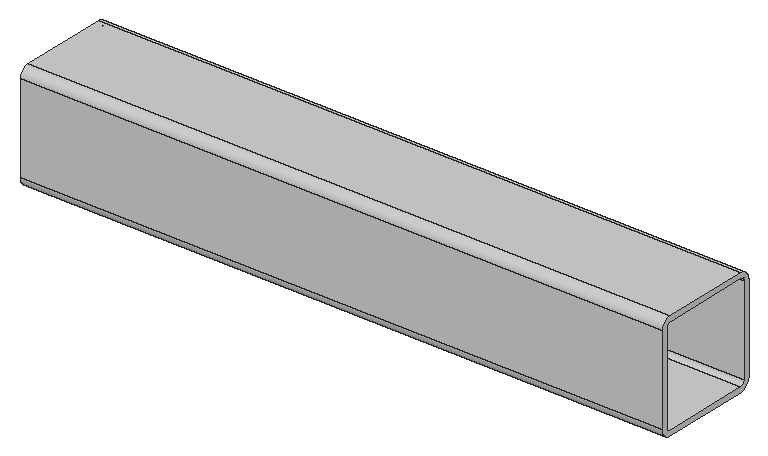
Revit family
Parameters (values of type "HSS8X8X.375")
  Start Extension Calculation [instance] = 10' 0 1/2" + Start Extension  # 10' - 0"
  Start Extension [instance] = -0' - 0 1/2"
  End Extension Calculation [instance] = 10' 0 1/2" + End Extension  # 10' - 0"
  End Extension [instance] = -0' - 0 1/2"
  Beam Material [instance] = Metal - Steel - ASTM A500 - Grade B - Rectangular and Square
  A = 10.40 in²
  Assembly Code = "B10"
  Ht = 0' - 8"
  Length [instance] = 5' - 0"
  Shape = "Square"
  W = 37.6
  b = 0' - 8"
  kr = 2 * t  # 0' - 0 89/128"
  t = 0' - 0 89/256"
Reference planes (in)
  plane 1 "Center (Front/Back)": y = 0
  plane 2: z = 0
  plane 3 "Center (Left/Right)": x = 0.1815
  plane 4 "Member Left": x = -23.8185
  plane 5 "Member Right": x = 24.1815
  plane 6: y = 4
  plane 7: y = -4
  plane 8 "Top": z = 4
  plane 9: z = -4
  plane 10 "Left": x = -29.8185
  plane 11 "Right": x = 30.1815
  plane 12: x = -23.8185
  plane 13: x = 24.1815
  plane 14: x = 96.1815
  plane 15: x = -95.8185
Forms (in)
  Sweep 1, solid, material "Metal - Steel - ASTM A500 - Grade B - Rectangular and Square" <- "Beam Material", detail levels fine
    path origin (0, 0, 0) x (1, 0, 0) y (0, 1, 0)
      loop
        line (24.1815, 0) -> (-23.8185, 0)
    profile "Hollow-Structural-Section-Profile-Fine : Hollow-Structural-Section-Profile-Fine" origin (0.1815, 0, 0) x (0, -1, 0) y (0, 0, 1)
      loop
        arc (-3.30469, 3.65234) -> (-3.55052, 3.55052) -> (-3.65234, 3.30469) r 0.34766
        line (-3.65234, 3.30469) -> (-3.65234, -3.30469)
        arc (-3.65234, -3.30469) -> (-3.55052, -3.55052) -> (-3.30469, -3.65234) r 0.34766
        line (-3.30469, -3.65234) -> (3.30469, -3.65234)
        arc (3.30469, -3.65234) -> (3.55052, -3.55052) -> (3.65234, -3.30469) r 0.34766
        line (3.65234, -3.30469) -> (3.65234, 3.30469)
        arc (3.65234, 3.30469) -> (3.55052, 3.55052) -> (3.30469, 3.65234) r 0.34766
        line (3.30469, 3.65234) -> (-3.30469, 3.65234)
      loop
        arc (-4, -3.30469) -> (-3.79635, -3.79635) -> (-3.30469, -4) r 0.69531
        line (-3.30469, -4) -> (3.30469, -4)
        arc (3.30469, -4) -> (3.79635, -3.79635) -> (4, -3.30469) r 0.69531
        line (4, -3.30469) -> (4, 3.30469)
        arc (4, 3.30469) -> (3.79635, 3.79635) -> (3.30469, 4) r 0.69531
        line (3.30469, 4) -> (-3.30469, 4)
        arc (-3.30469, 4) -> (-3.79635, 3.79635) -> (-4, 3.30469) r 0.69531
        line (-4, 3.30469) -> (-4, -3.30469)
  Sweep 2, solid, material "Metal - Steel - ASTM A500 - Grade B - Rectangular and Square" <- "Beam Material", detail levels medium
    path origin (0, 0, 0) x (1, 0, 0) y (0, 1, 0)
      loop
        line (24.1815, 0) -> (-23.8185, 0)
    profile "Hollow-Structural-Section-Profile-Medium : Hollow-Structural-Section-Profile-Medium" origin (0.1815, 0, 0) x (0, -1, 0) y (0, 0, 1)
      loop
        line (-3.65234, 3.65234) -> (-3.65234, -3.65234) -> (3.65234, -3.65234) -> (3.65234, 3.65234) -> (-3.65234, 3.65234)
      loop
        line (-4, -4) -> (4, -4) -> (4, 4) -> (-4, 4) -> (-4, -4)
Lines and regions (in)
  symbolic lines, style "Hidden Faces", detail levels medium+fine
    curve 1: line (-23.8185, 0, 3.65234) -> (24.1815, 0, 3.65234)
    curve 2: line (-23.8185, 0, -3.65234) -> (24.1815, 0, -3.65234)
    curve 7: line (24.1815, -3.65234, 0) -> (-23.8185, -3.65234, 0)
    curve 8: line (24.1815, 3.65234, 0) -> (-23.8185, 3.65234, 0)
  symbolic lines, style "Stick Symbols", detail levels coarse
    curve 3: line (0.1815, -4, -4) -> (0.1815, 4, -4)
    curve 4: line (0.1815, 4, -4) -> (0.1815, 4, 4)
    curve 5: line (0.1815, 4, 4) -> (0.1815, -4, 4)
    curve 6: line (0.1815, -4, 4) -> (0.1815, -4, -4)
Dimensions and locks (in)
  "b": plane 6 to plane 7
  "Ht": plane 9 to plane 8 "Top"
  equal spacing: plane 9, plane 2, plane 8 "Top"
  equal spacing: plane 6, plane 1 "Center (Front/Back)", plane 7
  "t": plane 8 "Top" to curve 1
  "t": curve 2 to plane 9
  "Length": plane 10 "Left" to plane 11 "Right"
  "t": plane 6 to curve 8
  "t": curve 7 to plane 7
  locked: plane 4 "Member Left" to plane 14 at 120
  locked: plane 15 to plane 5 "Member Right" at 120
  "Start Extension Calculation": plane 12 to plane 14
  "End Extension Calculation": plane 15 to plane 13
  aligned and locked: Sweep 1 sketch curve to plane 1 "Center (Front/Back)"
  aligned and locked: Sweep 2 sketch curve to plane 1 "Center (Front/Back)"
  aligned and locked: plane 12 to Sweep 2 sketch curve
  aligned and locked: plane 13 to Sweep 2 sketch curve
  aligned and locked: plane 12 to Sweep 1 sketch curve
  aligned and locked: plane 13 to Sweep 1 sketch curve
  aligned and locked: plane 12 to curve 8
  aligned and locked: plane 12 to curve 7
  aligned and locked: plane 13 to curve 8
  aligned and locked: plane 13 to curve 7
  aligned and locked: plane 12 to curve 1
  aligned and locked: plane 12 to curve 2
  aligned and locked: plane 13 to curve 1
  aligned and locked: plane 13 to curve 2
  aligned and locked: curve 6 to Sweep 2
  aligned and locked: curve 4 to Sweep 2
  aligned and locked: curve 5 to Sweep 2
  aligned and locked: curve 3 to Sweep 2
